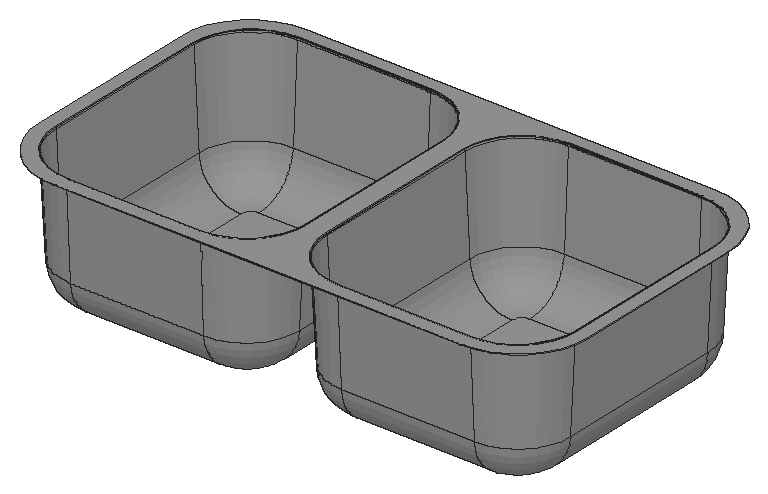
Revit family "Reece_Sink_Posh_Solus MK3_Undermount Sink_Double Bowl", category Plumbing Fixtures, host Face, Revit 2018
Family settings
  Host = Face
  Round Connector Dimension = Use Diameter
  Part Type = Normal
  Cut with Voids When Loaded = No
  Shared = Yes
  Room Calculation Point = Yes
Parameters (values of type "0 Taphole_Stainless Steel")
  WFU = 0  # constant formula
  URL = "https://www.reece.com.au/product/-2402566"
  Type Comments = "Undermount Sink"
  Reece_Sink_is_Undermount [instance] = 1 = 1  # yes
  Reece_Sink_Undermount_Offset [instance] = 20 mm
  Reece_Sink_Undermount_Offset_formula [instance] = if(Reece_Sink_Undermount_Offset < 0 mm, 0 mm, if(Reece_Sink_is_Undermount, Reece_Sink_Undermount_Offset + Reece_Sink_Lip Thickness, 0 mm))  # 21 mm
  Reece_Sink_Type = Reece_Sink_Posh_Solus MK3_Undermount Sink_Double Bowl_Nested : No Taphole_No Drainer_Stainless Steel
  Reece_Sink_Outlet = 40 mm  # constant formula
  Reece_Sink_Lip Thickness = 1 mm  # constant formula
  Reece_Product_Web Page = "https://www.reece.com.au/product/-2402566"
  Reece_Product_Type = "Undermount Sink"  # constant formula
  Reece_Product_Sub Brand = "Solus MK3"  # constant formula
  Reece_Product_Number = "2402566"
  Reece_Product_Mount = "Undermount"
  Reece_Product_Description = "Posh Solus MK3 Double Bowl Undermount Sink, No Taphole, Stainless Steel"
  Reece_Product_Brand = "Posh"  # constant formula
  Reece_Overall_Width = 780 mm  # constant formula
  Reece_Overall_Length = 450 mm  # constant formula
  Reece_Overall_Height = 200 mm  # constant formula
  Reece_Overall_Capacity = 48.00 L  # constant formula
  Reece_Material_Secondary = Reece_Metal_Steel
  Reece_Material_Main = Reece_Metal_Steel
  Reece_Detail_Installation = "Undermount"  # constant formula
  Reece_Detail_Disclaimer = "THIS FILE IS THE PROPERTY OF THE REECE GROUP. IT MAY NOT BE REPRODUCED, REVERSE-ENGINEERED OR MODIFIED. ANY REPUBLICATION, TRANSMISSION OR DISTRIBUTION FOR THE PURPOSE OF COMMERCIALLY EXPLOITING THE FILES IS PROHIBITED."  # constant formula
  Reece_Detail_Connector = "No Taphole"  # constant formula
  Reece_Detail_Additional = "No Overflow"  # constant formula
  Model = "Solus MK3"
  Manufacturer = "Posh"
  Keynote = "Product #2402566, Reece_Sink_Posh_Solus MK3_Undermount Sink_Double Bowl - 0 Taphole_Stainless Steel"
  HWFU = 0  # constant formula
  Disclaimer = "THIS FILE IS THE PROPERTY OF THE REECE GROUP. IT MAY NOT BE REPRODUCED, REVERSE-ENGINEERED OR MODIFIED. ANY REPUBLICATION, TRANSMISSION OR DISTRIBUTION FOR THE PURPOSE OF COMMERCIALLY EXPLOITING THE FILES IS PROHIBITED."  # constant formula
  Description = "Double Bowl\r\n\r\n"
  Default Elevation = 0 mm
  CWFU = 0  # constant formula
Reference planes
  plane 1 "Center (Front/Back)": y = -79.125
  plane 2 "Top of surface": z = 0
  plane 3 "Center (Left/Right)": x = 0
  plane 4 "Lip": z = -21
  plane 5: y = -3.955
  plane 6 "Top of void": z = 10
  plane 7 "Top of Sink": z = -20
  plane 8: y = 145.875
  plane 9: y = -304.125
  plane 10: z = -220
  plane 11: x = 390
  plane 12: x = -390
  plane 13: x = -192.427
  plane 14: x = 192.427
  plane 15: y = -4.133
Forms (mm)
  Extrusion 1, void
    sketch origin (0, 0, 0) x (1, 0, 0) y (0, 1, 0)
      loop
        arc (390, 45.875) -> (360.711, 116.586) -> (290, 145.875) r 100
        line (290, 145.875) -> (-290, 145.875)
        arc (-290, 145.875) -> (-360.711, 116.586) -> (-390, 45.875) r 100
        line (-390, 45.875) -> (-390, -204.125)
        arc (-390, -204.125) -> (-360.711, -274.835) -> (-290, -304.125) r 100
        line (-290, -304.125) -> (290, -304.125)
        arc (290, -304.125) -> (360.711, -274.835) -> (390, -204.125) r 100
        line (390, -204.125) -> (390, 45.875)
    from -255.336 to -20
  Extrusion 2, void
    sketch origin (0, 0, 0) x (1, 0, 0) y (0, 1, 0)
      loop
        line (284.2, 125.875) -> (-287.153, 125.875)
        arc (-287.153, 125.875) -> (-345.735, 101.61) -> (-370, 43.028) r 82.847
        line (-370, 43.028) -> (-370, -201.278)
        arc (-370, -201.278) -> (-345.735, -259.859) -> (-287.153, -284.125) r 82.847
        line (-287.153, -284.125) -> (285.2, -284.125)
        arc (285.2, -284.125) -> (345.304, -259.229) -> (370.2, -199.125) r 85
        line (370.2, -199.125) -> (370.2, 39.875)
        arc (370.2, 39.875) -> (345.011, 100.687) -> (284.2, 125.875) r 86
    from -21 to 10
Text (mm)
  text "Reece Copyright © 2018, Reece Ltd." at (-902.343, -740.328, 0), in view "Ref. Level"
  text "Reece ©" at (44.384, 258.95, 192.345), in view "Reece Preview"
Dimensions and locks
  "Reece_Sink_Undermount_Offset_formula": plane 2 "Top of surface" to plane 4 "Lip"
  locked: plane 6 "Top of void" to plane 2 "Top of surface" at 10
  locked: plane 7 "Top of Sink" to plane 4 "Lip" at 1
  "Reece_Overall_Length": plane 8 to plane 9
  "Reece_Overall_Width": plane 12 to plane 11
  "Reece_Overall_Height": plane 7 "Top of Sink" to plane 10
  aligned and locked: plane 2 "Top of surface" to host face
  aligned and locked: level to host face
  aligned and locked: plane 3 "Center (Left/Right)" to nested 1
  aligned and locked: Extrusion 2 to plane 4 "Lip"
  aligned and locked: Extrusion 2 to plane 6 "Top of void"
  aligned and locked: Extrusion 1 to plane 7 "Top of Sink"
Automatic sketch dimensions
  host sketch curve to host sketch curve = 801.051 mm
  host sketch curve to host sketch curve = 660.299 mm
  Extrusion 1 sketch curve to plane 1 "Center (Front/Back)" = 125 mm
  plane 1 "Center (Front/Back)" to Extrusion 1 sketch curve = 125 mm
  Extrusion 1 sketch curve to Extrusion 1 sketch curve = 100 mm  (x4)
  plane 3 "Center (Left/Right)" to Extrusion 1 sketch curve = 290 mm
  plane 9 to Extrusion 2 sketch curve = 20 mm
  Extrusion 2 sketch curve to plane 8 = 20 mm
  Extrusion 2 sketch curve to Extrusion 2 sketch curve = 82.847 mm
  Extrusion 2 sketch curve to Extrusion 2 sketch curve = 85 mm  (x2)
  Extrusion 2 sketch curve to plane 5 = 46.984 mm  (x2)
  Extrusion 2 sketch curve to Extrusion 2 sketch curve = 0 mm  (x6)
  Extrusion 2 sketch curve to plane 5 = 43.831 mm
  Extrusion 1 sketch curve to plane 12 = 0 mm
  plane 12 to Extrusion 2 sketch curve = 102.847 mm  (x2)
  plane 11 to Extrusion 2 sketch curve = 105.8 mm
Nested families
  nested 1: "Reece_Sink_Posh_Solus MK3_Undermount Sink_Double Bowl_Nested" at (0, 0, -21), type <- "Reece_Sink_Type", Reece_Material_Main <- "Reece_Material_Main", Reece_Material_Secondary <- "Reece_Material_Secondary", type "No Taphole_No Drainer_Stainless Steel"
    with Reece_Material_Secondary Reece_Metal_Steel, Reece_Material_Main Reece_Metal_Steel
Connectors
  piping at (-192.427, -4.133, -254.568), diameter 40, driven by "Reece_Sink_Outlet"
    settings: on nested 1, index 1, connector inside diameter 609.6 mm, connector length 0 mm, flow factor 0, pipe flow 0.0 L/s, pressure drop 0.0 Pa, fitting loss kfactor 0, connector angle 0.00°, fixture units 0, engagement length 0 mm, angle of deflection 0.00°, flow configuration 0, flow direction 2, fitting loss method 0, system type 16, joint type 0, gender type 0, connector reference index -1, connector utility 0, adjustable connector no, is connector primary yes, connector description ""
  piping at (192.427, -4.133, -254.568), diameter 40, driven by "Reece_Sink_Outlet"
    settings: on nested 1, index 2, connector inside diameter 609.6 mm, connector length 0 mm, flow factor 0, pipe flow 0.0 L/s, pressure drop 0.0 Pa, fitting loss kfactor 0, connector angle 0.00°, fixture units 0, engagement length 0 mm, angle of deflection 0.00°, flow configuration 0, flow direction 2, fitting loss method 0, system type 16, joint type 0, gender type 0, connector reference index -1, connector utility 0, adjustable connector no, is connector primary no, connector description ""
Definition of nested family "Reece_Sink_Posh_Solus MK3_Undermount Sink_Double Bowl_Nested"
  Parameters (values of type "No Taphole_No Drainer_Stainless Steel")
    WFU = 0  # constant formula
    Reece_Sink_Outlet 1 = 40 mm  # constant formula
    Reece_Product_Web Page = "https://www.reece.com.au/product/-2402566"
    Reece_Product_Type = "Undermount Sink"  # constant formula
    Reece_Product_Sub Brand = "Solus MK3"  # constant formula
    Reece_Product_Number = "2402566"
    Reece_Product_Mount = "Undermount"  # constant formula
    Reece_Product_Description = "Double Bowl\r\n\r\n"  # constant formula
    Reece_Product_Brand = "Posh"  # constant formula
    Reece_Overall_Width = 780 mm  # constant formula
    Reece_Overall_Length = 450 mm  # constant formula
    Reece_Overall_Height = 200 mm  # constant formula
    Reece_Overall_Capacity = 48.00 L  # constant formula
    Reece_Material_Secondary [instance] = none
    Reece_Material_Main [instance] = none
    Reece_Detail_Installation = "Undermount"  # constant formula
    Reece_Detail_Connector = "No Taphole"  # constant formula
    Reece_Detail_Additional = "No Overflow"  # constant formula
    HWFU = 0  # constant formula
    Default Elevation = 1000 mm
    CWFU = 0  # constant formula
  Reference planes
    plane 1 "Center (Front/Back)": y = -79.125
    plane 2 "Bottom": z = 0
    plane 3 "Center (Left/Right)": x = 0
    plane 4: y = 145.875
    plane 5: x = 390
    plane 6: x = -390
    plane 7: y = -304.125
    plane 8: z = 1
    plane 9: z = -199
  Forms (mm)
    Extrusion 1, solid
      sketch origin (619.2, -619.2, 0) x (1, 0, 0) y (0, 1, 0)
        loop
          line (-1286.137, 839.2) -> (-1286.137, 178.901) -> (54.043, 178.901) -> (54.043, 839.2) -> (-1286.137, 839.2)
      from 0 to -216.096
    Extrusion 2, solid, material <- "Reece_Material_Main"
      sketch origin (-392.353, -100.044, 15.703) x (1, 0, 0) y (0, 1, 0)
        loop
          circle (199.927, 95.919) r 60
        loop
          line (90.291, 143.072) -> (90.291, -101.234)
          arc (90.291, -101.234) -> (94.599, -111.635) -> (105, -115.943) r 14.709
          line (105, -115.943) -> (294.506, -115.943)
          arc (294.506, -115.943) -> (304.907, -111.635) -> (309.215, -101.234) r 14.709
          line (309.215, -101.234) -> (309.215, 143.072)
          arc (309.215, 143.072) -> (304.907, 153.473) -> (294.506, 157.781) r 14.709
          line (294.506, 157.781) -> (105, 157.781)
          arc (105, 157.781) -> (94.599, 153.473) -> (90.291, 143.072) r 14.709
      from -209.681 to -208.681
    Revolve 3, solid, material <- "Reece_Material_Main"
      sketch origin (-192.427, -4.133, -52.01) x (1, 0, 0) y (0, 0, 1)
        loop
          line (18, -181.558) -> (20, -181.558) -> (20, -168.342)
          arc (20, -168.342) -> (33.772, -159.156) -> (45, -146.99) r 69.965
          line (45, -146.99) -> (42.511, -146.99)
          arc (42.511, -146.99) -> (31.445, -158.496) -> (18, -167.102) r 67.965
          line (18, -167.102) -> (18, -181.558)
        axis (0, -146.99) -> (0, -181.558)
      angle from 0 to 360
    Extrusion 4, void
      sketch origin (-192.427, 74.992, -10.88) x (1, 0, 0) y (0, 1, 0)
        loop
          arc (-31.713, -77.625) -> (-33.213, -79.125) -> (-31.713, -80.625) r 1.5
          line (-31.713, -80.625) -> (-21.713, -80.625)
          arc (-21.713, -80.625) -> (-20.213, -79.125) -> (-21.713, -77.625) r 1.5
          line (-21.713, -77.625) -> (-31.713, -77.625)
        loop
          arc (-29.287, -66.869) -> (-31.21, -67.765) -> (-30.313, -69.688) r 1.5
          line (-30.313, -69.688) -> (-20.916, -73.108)
          arc (-20.916, -73.108) -> (-18.994, -72.212) -> (-19.89, -70.289) r 1.5
          line (-19.89, -70.289) -> (-29.287, -66.869)
        loop
          arc (-23.329, -57.591) -> (-25.442, -57.776) -> (-25.257, -59.889) r 1.5
          line (-25.257, -59.889) -> (-17.597, -66.317)
          arc (-17.597, -66.317) -> (-15.484, -66.132) -> (-15.669, -64.019) r 1.5
          line (-15.669, -64.019) -> (-23.329, -57.591)
        loop
          arc (-14.557, -50.911) -> (-16.606, -50.362) -> (-17.155, -52.411) r 1.5
          line (-17.155, -52.411) -> (-12.155, -61.071)
          arc (-12.155, -61.071) -> (-10.106, -61.62) -> (-9.557, -59.571) r 1.5
          line (-9.557, -59.571) -> (-14.557, -50.911)
        loop
          arc (-4.03, -47.633) -> (-5.767, -46.417) -> (-6.984, -48.154) r 1.5
          line (-6.984, -48.154) -> (-5.248, -58.002)
          arc (-5.248, -58.002) -> (-3.51, -59.219) -> (-2.293, -57.481) r 1.5
          line (-2.293, -57.481) -> (-4.03, -47.633)
        loop
          line (31.713, -77.625) -> (21.713, -77.625)
          arc (21.713, -77.625) -> (20.213, -79.125) -> (21.713, -80.625) r 1.5
          line (21.713, -80.625) -> (31.713, -80.625)
          arc (31.713, -80.625) -> (33.213, -79.125) -> (31.713, -77.625) r 1.5
        loop
          line (29.287, -66.869) -> (19.89, -70.289)
          arc (19.89, -70.289) -> (18.994, -72.212) -> (20.916, -73.108) r 1.5
          line (20.916, -73.108) -> (30.313, -69.688)
          arc (30.313, -69.688) -> (31.21, -67.765) -> (29.287, -66.869) r 1.5
        loop
          line (23.329, -57.591) -> (15.669, -64.019)
          arc (15.669, -64.019) -> (15.484, -66.132) -> (17.597, -66.317) r 1.5
          line (17.597, -66.317) -> (25.257, -59.889)
          arc (25.257, -59.889) -> (25.442, -57.776) -> (23.329, -57.591) r 1.5
        loop
          line (14.557, -50.911) -> (9.557, -59.571)
          arc (9.557, -59.571) -> (10.106, -61.62) -> (12.155, -61.071) r 1.5
          line (12.155, -61.071) -> (17.155, -52.411)
          arc (17.155, -52.411) -> (16.606, -50.362) -> (14.557, -50.911) r 1.5
        loop
          line (4.03, -47.633) -> (2.293, -57.481)
          arc (2.293, -57.481) -> (3.51, -59.219) -> (5.248, -58.002) r 1.5
          line (5.248, -58.002) -> (6.984, -48.154)
          arc (6.984, -48.154) -> (5.767, -46.417) -> (4.03, -47.633) r 1.5
        loop
          line (-29.287, -91.381) -> (-19.89, -87.96)
          arc (-19.89, -87.96) -> (-18.994, -86.038) -> (-20.916, -85.141) r 1.5
          line (-20.916, -85.141) -> (-30.313, -88.561)
          arc (-30.313, -88.561) -> (-31.21, -90.484) -> (-29.287, -91.381) r 1.5
        loop
          line (-23.329, -100.658) -> (-15.669, -94.23)
          arc (-15.669, -94.23) -> (-15.484, -92.117) -> (-17.597, -91.932) r 1.5
          line (-17.597, -91.932) -> (-25.257, -98.36)
          arc (-25.257, -98.36) -> (-25.442, -100.473) -> (-23.329, -100.658) r 1.5
        loop
          line (-14.557, -107.339) -> (-9.557, -98.678)
          arc (-9.557, -98.678) -> (-10.106, -96.629) -> (-12.155, -97.178) r 1.5
          line (-12.155, -97.178) -> (-17.155, -105.839)
          arc (-17.155, -105.839) -> (-16.606, -107.888) -> (-14.557, -107.339) r 1.5
        loop
          line (-4.03, -110.616) -> (-2.293, -100.768)
          arc (-2.293, -100.768) -> (-3.51, -99.03) -> (-5.248, -100.247) r 1.5
          line (-5.248, -100.247) -> (-6.984, -110.095)
          arc (-6.984, -110.095) -> (-5.767, -111.833) -> (-4.03, -110.616) r 1.5
        loop
          arc (29.287, -91.381) -> (31.21, -90.484) -> (30.313, -88.561) r 1.5
          line (30.313, -88.561) -> (20.916, -85.141)
          arc (20.916, -85.141) -> (18.994, -86.038) -> (19.89, -87.96) r 1.5
          line (19.89, -87.96) -> (29.287, -91.381)
        loop
          arc (23.329, -100.658) -> (25.442, -100.473) -> (25.257, -98.36) r 1.5
          line (25.257, -98.36) -> (17.597, -91.932)
          arc (17.597, -91.932) -> (15.484, -92.117) -> (15.669, -94.23) r 1.5
          line (15.669, -94.23) -> (23.329, -100.658)
        loop
          arc (14.557, -107.339) -> (16.606, -107.888) -> (17.155, -105.839) r 1.5
          line (17.155, -105.839) -> (12.155, -97.178)
          arc (12.155, -97.178) -> (10.106, -96.629) -> (9.557, -98.678) r 1.5
          line (9.557, -98.678) -> (14.557, -107.339)
        loop
          arc (4.03, -110.616) -> (5.767, -111.833) -> (6.984, -110.095) r 1.5
          line (6.984, -110.095) -> (5.248, -100.247)
          arc (5.248, -100.247) -> (3.51, -99.03) -> (2.293, -100.768) r 1.5
          line (2.293, -100.768) -> (4.03, -110.616)
      from -204.763 to -186.473
    Revolve 5, solid, material <- "Reece_Material_Secondary"
      sketch origin (-192.427, -4.133, -53.39) x (1, 0, 0) y (0, 0, 1)
        loop
          line (0, -157.338) -> (16.998, -157.338)
          arc (16.998, -157.338) -> (28.197, -153.597) -> (34.898, -143.876) r 18.633
          line (34.898, -143.876) -> (36.003, -143.876) -> (36.003, -142.662) -> (47.722, -142.662) -> (50.998, -142.662) -> (50.998, -141.662) -> (35.604, -141.662)
          arc (35.604, -141.662) -> (35.179, -141.838) -> (35.003, -142.263) r 0.601
          line (35.003, -142.263) -> (35.003, -143.22)
          arc (35.003, -143.22) -> (34.5, -142.717) -> (33.998, -143.22) r 0.503
          arc (33.998, -143.22) -> (27.683, -152.565) -> (16.998, -156.172) r 17.633
          line (16.998, -156.172) -> (3.95, -156.172)
          arc (3.95, -156.172) -> (2.139, -149.549) -> (1.843, -142.689) r 30.745
          line (1.843, -142.689) -> (3.708, -142.689)
          arc (3.708, -142.689) -> (4.213, -142.254) -> (3.848, -141.696) r 0.506
          arc (3.848, -141.696) -> (1.942, -141.304) -> (0, -141.173) r 14.401
          line (0, -141.173) -> (0, -157.338)
        axis (0, -141.173) -> (0, -157.338)
      angle from 0 to 360
    Sweep 6, solid, material <- "Reece_Material_Main"
      path in 3D
        loop
          arc (-252.427, -4.133, -192.978) -> (-192.427, -64.133, -192.978) -> (-132.427, -4.133, -192.978) r 60
          arc (-132.427, -4.133, -192.978) -> (-192.427, 55.867, -192.978) -> (-252.427, -4.133, -192.978) r 60
      profile origin (-252.427, -4.133, -192.978) x (1, 0, 0) y (0, 0, 1)
        loop
          line (0, 0) -> (0, -0.8) -> (15, -6.022) -> (15, -5.16) -> (0, 0)
    Extrusion 7, solid, material <- "Reece_Material_Main"
      sketch origin (47.353, 0, 0) x (-1, 0, 0) y (0, -1, 0)
        loop
          line (47.353, -145.875) -> (337.353, -145.875)
          arc (337.353, -145.875) -> (408.064, -116.586) -> (437.353, -45.875) r 100
          line (437.353, -45.875) -> (437.353, 204.125)
          arc (437.353, 204.125) -> (408.064, 274.835) -> (337.353, 304.125) r 100
          line (337.353, 304.125) -> (66.561, 304.125) -> (-242.647, 304.125)
          arc (-242.647, 304.125) -> (-313.358, 274.835) -> (-342.647, 204.125) r 100
          line (-342.647, 204.125) -> (-342.647, -45.875)
          arc (-342.647, -45.875) -> (-313.358, -116.586) -> (-242.647, -145.875) r 100
          line (-242.647, -145.875) -> (47.353, -145.875)
        loop
          arc (-50.494, -125.875) -> (8.088, -101.61) -> (32.353, -43.028) r 82.847
          line (32.353, -43.028) -> (32.353, 201.278)
          arc (32.353, 201.278) -> (8.088, 259.859) -> (-50.494, 284.125) r 82.847
          line (-50.494, 284.125) -> (-240, 284.125)
          arc (-240, 284.125) -> (-298.582, 259.859) -> (-322.847, 201.278) r 82.847
          line (-322.847, 201.278) -> (-322.847, -43.028)
          arc (-322.847, -43.028) -> (-298.582, -101.61) -> (-240, -125.875) r 82.847
          line (-240, -125.875) -> (-50.494, -125.875)
        loop
          line (145.2, -125.875) -> (334.706, -125.875)
          arc (334.706, -125.875) -> (393.288, -101.61) -> (417.553, -43.028) r 82.847
          line (417.553, -43.028) -> (417.553, 201.278)
          arc (417.553, 201.278) -> (393.288, 259.859) -> (334.706, 284.125) r 82.847
          line (334.706, 284.125) -> (145.2, 284.125)
          arc (145.2, 284.125) -> (86.618, 259.859) -> (62.353, 201.278) r 82.847
          line (62.353, 201.278) -> (62.353, -43.028)
          arc (62.353, -43.028) -> (86.618, -101.61) -> (145.2, -125.875) r 82.847
      from 1 to 0
    Extrusion 8, solid, material <- "Reece_Material_Main"
      sketch origin (392.353, -100.044, 15.703) x (-1, 0, 0) y (0, -1, 0)
        loop
          circle (199.927, -95.919) r 60
        loop
          line (105, -157.781) -> (294.506, -157.781)
          arc (294.506, -157.781) -> (304.907, -153.473) -> (309.215, -143.072) r 14.709
          line (309.215, -143.072) -> (309.215, 101.234)
          arc (309.215, 101.234) -> (304.907, 111.635) -> (294.506, 115.943) r 14.709
          line (294.506, 115.943) -> (105, 115.943)
          arc (105, 115.943) -> (94.599, 111.635) -> (90.291, 101.234) r 14.709
          line (90.291, 101.234) -> (90.291, -143.072)
          arc (90.291, -143.072) -> (94.599, -153.473) -> (105, -157.781) r 14.709
      from -209.681 to -208.681
    Revolve 9, solid, material <- "Reece_Material_Main"
      sketch origin (192.427, -4.133, -52.01) x (-1, 0, 0) y (0, 0, -1)
        loop
          line (18, 181.558) -> (18, 167.102)
          arc (18, 167.102) -> (31.445, 158.496) -> (42.511, 146.99) r 67.965
          line (42.511, 146.99) -> (45, 146.99)
          arc (45, 146.99) -> (33.772, 159.156) -> (20, 168.342) r 69.965
          line (20, 168.342) -> (20, 181.558) -> (18, 181.558)
        axis (0, 146.99) -> (0, 181.558)
      angle from 0 to 360
    Extrusion 10, void
      sketch origin (192.427, 74.992, -10.899) x (-1, 0, 0) y (0, -1, 0)
        loop
          line (-31.713, 77.625) -> (-21.713, 77.625)
          arc (-21.713, 77.625) -> (-20.213, 79.125) -> (-21.713, 80.625) r 1.5
          line (-21.713, 80.625) -> (-31.713, 80.625)
          arc (-31.713, 80.625) -> (-33.213, 79.125) -> (-31.713, 77.625) r 1.5
        loop
          line (-29.287, 66.869) -> (-19.89, 70.289)
          arc (-19.89, 70.289) -> (-18.994, 72.212) -> (-20.916, 73.108) r 1.5
          line (-20.916, 73.108) -> (-30.313, 69.688)
          arc (-30.313, 69.688) -> (-31.21, 67.765) -> (-29.287, 66.869) r 1.5
        loop
          line (-23.329, 57.591) -> (-15.669, 64.019)
          arc (-15.669, 64.019) -> (-15.484, 66.132) -> (-17.597, 66.317) r 1.5
          line (-17.597, 66.317) -> (-25.257, 59.889)
          arc (-25.257, 59.889) -> (-25.442, 57.776) -> (-23.329, 57.591) r 1.5
        loop
          line (-14.557, 50.911) -> (-9.557, 59.571)
          arc (-9.557, 59.571) -> (-10.106, 61.62) -> (-12.155, 61.071) r 1.5
          line (-12.155, 61.071) -> (-17.155, 52.411)
          arc (-17.155, 52.411) -> (-16.606, 50.362) -> (-14.557, 50.911) r 1.5
        loop
          line (-4.03, 47.633) -> (-2.293, 57.481)
          arc (-2.293, 57.481) -> (-3.51, 59.219) -> (-5.248, 58.002) r 1.5
          line (-5.248, 58.002) -> (-6.984, 48.154)
          arc (-6.984, 48.154) -> (-5.767, 46.417) -> (-4.03, 47.633) r 1.5
        loop
          arc (31.713, 77.625) -> (33.213, 79.125) -> (31.713, 80.625) r 1.5
          line (31.713, 80.625) -> (21.713, 80.625)
          arc (21.713, 80.625) -> (20.213, 79.125) -> (21.713, 77.625) r 1.5
          line (21.713, 77.625) -> (31.713, 77.625)
        loop
          arc (29.287, 66.869) -> (31.21, 67.765) -> (30.313, 69.688) r 1.5
          line (30.313, 69.688) -> (20.916, 73.108)
          arc (20.916, 73.108) -> (18.994, 72.212) -> (19.89, 70.289) r 1.5
          line (19.89, 70.289) -> (29.287, 66.869)
        loop
          arc (23.329, 57.591) -> (25.442, 57.776) -> (25.257, 59.889) r 1.5
          line (25.257, 59.889) -> (17.597, 66.317)
          arc (17.597, 66.317) -> (15.484, 66.132) -> (15.669, 64.019) r 1.5
          line (15.669, 64.019) -> (23.329, 57.591)
        loop
          arc (14.557, 50.911) -> (16.606, 50.362) -> (17.155, 52.411) r 1.5
          line (17.155, 52.411) -> (12.155, 61.071)
          arc (12.155, 61.071) -> (10.106, 61.62) -> (9.557, 59.571) r 1.5
          line (9.557, 59.571) -> (14.557, 50.911)
        loop
          arc (4.03, 47.633) -> (5.767, 46.417) -> (6.984, 48.154) r 1.5
          line (6.984, 48.154) -> (5.248, 58.002)
          arc (5.248, 58.002) -> (3.51, 59.219) -> (2.293, 57.481) r 1.5
          line (2.293, 57.481) -> (4.03, 47.633)
        loop
          arc (-29.287, 91.381) -> (-31.21, 90.484) -> (-30.313, 88.561) r 1.5
          line (-30.313, 88.561) -> (-20.916, 85.141)
          arc (-20.916, 85.141) -> (-18.994, 86.038) -> (-19.89, 87.96) r 1.5
          line (-19.89, 87.96) -> (-29.287, 91.381)
        loop
          arc (-23.329, 100.658) -> (-25.442, 100.473) -> (-25.257, 98.36) r 1.5
          line (-25.257, 98.36) -> (-17.597, 91.932)
          arc (-17.597, 91.932) -> (-15.484, 92.117) -> (-15.669, 94.23) r 1.5
          line (-15.669, 94.23) -> (-23.329, 100.658)
        loop
          arc (-14.557, 107.339) -> (-16.606, 107.888) -> (-17.155, 105.839) r 1.5
          line (-17.155, 105.839) -> (-12.155, 97.178)
          arc (-12.155, 97.178) -> (-10.106, 96.629) -> (-9.557, 98.678) r 1.5
          line (-9.557, 98.678) -> (-14.557, 107.339)
        loop
          arc (-4.03, 110.616) -> (-5.767, 111.833) -> (-6.984, 110.095) r 1.5
          line (-6.984, 110.095) -> (-5.248, 100.247)
          arc (-5.248, 100.247) -> (-3.51, 99.03) -> (-2.293, 100.768) r 1.5
          line (-2.293, 100.768) -> (-4.03, 110.616)
        loop
          line (29.287, 91.381) -> (19.89, 87.96)
          arc (19.89, 87.96) -> (18.994, 86.038) -> (20.916, 85.141) r 1.5
          line (20.916, 85.141) -> (30.313, 88.561)
          arc (30.313, 88.561) -> (31.21, 90.484) -> (29.287, 91.381) r 1.5
        loop
          line (23.329, 100.658) -> (15.669, 94.23)
          arc (15.669, 94.23) -> (15.484, 92.117) -> (17.597, 91.932) r 1.5
          line (17.597, 91.932) -> (25.257, 98.36)
          arc (25.257, 98.36) -> (25.442, 100.473) -> (23.329, 100.658) r 1.5
        loop
          line (14.557, 107.339) -> (9.557, 98.678)
          arc (9.557, 98.678) -> (10.106, 96.629) -> (12.155, 97.178) r 1.5
          line (12.155, 97.178) -> (17.155, 105.839)
          arc (17.155, 105.839) -> (16.606, 107.888) -> (14.557, 107.339) r 1.5
        loop
          line (4.03, 110.616) -> (2.293, 100.768)
          arc (2.293, 100.768) -> (3.51, 99.03) -> (5.248, 100.247) r 1.5
          line (5.248, 100.247) -> (6.984, 110.095)
          arc (6.984, 110.095) -> (5.767, 111.833) -> (4.03, 110.616) r 1.5
      from -204.763 to -186.473
    Revolve 11, solid, material <- "Reece_Material_Secondary"
      sketch origin (192.427, -4.133, -53.409) x (-1, 0, 0) y (0, 0, -1)
        loop
          line (0, 157.338) -> (0, 141.173)
          arc (0, 141.173) -> (1.942, 141.304) -> (3.848, 141.696) r 14.401
          arc (3.848, 141.696) -> (4.213, 142.254) -> (3.708, 142.689) r 0.506
          line (3.708, 142.689) -> (1.843, 142.689)
          arc (1.843, 142.689) -> (2.139, 149.549) -> (3.95, 156.172) r 30.745
          line (3.95, 156.172) -> (16.998, 156.172)
          arc (16.998, 156.172) -> (27.683, 152.565) -> (33.998, 143.22) r 17.633
          arc (33.998, 143.22) -> (34.5, 142.717) -> (35.003, 143.22) r 0.503
          line (35.003, 143.22) -> (35.003, 142.263)
          arc (35.003, 142.263) -> (35.179, 141.838) -> (35.604, 141.662) r 0.601
          line (35.604, 141.662) -> (50.998, 141.662) -> (50.998, 142.662) -> (47.722, 142.662) -> (36.003, 142.662) -> (36.003, 143.876) -> (34.898, 143.876)
          arc (34.898, 143.876) -> (28.197, 153.597) -> (16.998, 157.338) r 18.633
          line (16.998, 157.338) -> (0, 157.338)
        axis (0, 141.173) -> (0, 157.338)
      angle from 0 to 360
    Sweep 12, solid, material <- "Reece_Material_Main"
      path in 3D
        loop
          arc (252.427, -4.133, -192.978) -> (192.427, -64.133, -192.978) -> (132.427, -4.133, -192.978) r 60
          arc (132.427, -4.133, -192.978) -> (192.427, 55.867, -192.978) -> (252.427, -4.133, -192.978) r 60
      profile origin (252.427, -4.133, -192.978) x (1, 0, 0) y (0, 0, 1)
        loop
          line (0, 0) -> (-15, -5.16) -> (-15, -6.022) -> (0, -0.8) -> (0, 0)
    Sweep 13, solid, material <- "Reece_Material_Main"
      path origin (190.321, -18.968, 0) x (-1, 0, 0) y (0, -1, 0)
        loop
          line (92.475, 265.156) -> (-97.032, 265.156)
          arc (-97.032, 265.156) -> (-155.613, 240.891) -> (-179.879, 182.309) r 82.847
          line (-179.879, 182.309) -> (-179.879, -61.997)
          arc (-179.879, -61.997) -> (-155.613, -120.578) -> (-97.032, -144.844) r 82.847
          line (-97.032, -144.844) -> (92.475, -144.844)
          arc (92.475, -144.844) -> (151.056, -120.578) -> (175.321, -61.997) r 82.847
          line (175.321, -61.997) -> (175.321, 182.309)
          arc (175.321, 182.309) -> (151.056, 240.891) -> (92.475, 265.156) r 82.847
      profile origin (192.6, -284.125, 0) x (0, 1, 0) y (0, 0, 1)
        loop
          line (8.22, -136.118) -> (1.181, -1.809)
          arc (1.181, -1.809) -> (1.042, -0.998) -> (0.717, -0.242) r 3.499
          line (0.717, -0.242) -> (0, 1) -> (0, 0) -> (0.122, -1.448)
          arc (0.122, -1.448) -> (0.215, -2.672) -> (0.289, -3.898) r 77.516
          line (0.289, -3.898) -> (7.221, -136.171)
          arc (7.221, -136.171) -> (26.148, -177.226) -> (68.138, -193.978) r 61
          line (68.138, -193.978) -> (68.138, -192.978)
          arc (68.138, -192.978) -> (26.837, -176.5) -> (8.22, -136.118) r 60
    Sweep 14, solid, material <- "Reece_Material_Main"
      path origin (-190.321, -18.968, 0) x (1, 0, 0) y (0, 1, 0)
        loop
          arc (92.475, -265.156) -> (151.056, -240.891) -> (175.321, -182.309) r 82.847
          line (175.321, -182.309) -> (175.321, 61.997)
          arc (175.321, 61.997) -> (151.056, 120.578) -> (92.475, 144.844) r 82.847
          line (92.475, 144.844) -> (-97.032, 144.844)
          arc (-97.032, 144.844) -> (-155.613, 120.578) -> (-179.879, 61.997) r 82.847
          line (-179.879, 61.997) -> (-179.879, -182.309)
          arc (-179.879, -182.309) -> (-155.613, -240.891) -> (-97.032, -265.156) r 82.847
          line (-97.032, -265.156) -> (92.475, -265.156)
      profile origin (-192.6, -284.125, 0) x (0, -1, 0) y (0, 0, 1)
        loop
          arc (-8.22, -136.118) -> (-26.837, -176.5) -> (-68.138, -192.978) r 60
          line (-68.138, -192.978) -> (-68.138, -193.978)
          arc (-68.138, -193.978) -> (-26.148, -177.226) -> (-7.221, -136.171) r 61
          line (-7.221, -136.171) -> (-0.289, -3.898)
          arc (-0.289, -3.898) -> (-0.215, -2.672) -> (-0.122, -1.448) r 77.516
          line (-0.122, -1.448) -> (0, 0) -> (0, 1) -> (-0.717, -0.242)
          arc (-0.717, -0.242) -> (-1.042, -0.998) -> (-1.181, -1.809) r 3.499
          line (-1.181, -1.809) -> (-8.22, -136.118)
  Cuts and joins
    Extrusion 4, Extrusion 10 cuts Revolve 5
    Extrusion 10 cuts Revolve 3
    Extrusion 10 cuts Revolve 11
    joined: Extrusion 2, Extrusion 8, Sweep 13, Sweep 14
  Lines and regions (mm)
    sketch lines
      curve 1: arc (-132.427, -4.133, -192.978) -> (-192.427, 55.867, -192.978) -> (-252.427, -4.133, -192.978) r 60
      curve 2: arc (-252.427, -4.133, -192.978) -> (-192.427, -64.133, -192.978) -> (-132.427, -4.133, -192.978) r 60
      curve 3: arc (132.427, -4.133, -192.978) -> (192.427, 55.867, -192.978) -> (252.427, -4.133, -192.978) r 60
      curve 4: arc (252.427, -4.133, -192.978) -> (192.427, -64.133, -192.978) -> (132.427, -4.133, -192.978) r 60
  Text (mm)
    text "Reece Copyright © 2018, Reece Ltd." at (-902.343, -740.328, 0), in view "Ref. Level"
    text "Reece ©" at (44.384, 258.95, 192.345), in view "Reece Preview"
  Dimensions and locks
    equal spacing: plane 6, plane 3 "Center (Left/Right)", plane 5
    "Reece_Overall_Width": plane 6 to plane 5
    "Reece_Overall_Length": plane 4 to plane 7
    equal spacing: plane 4, plane 1 "Center (Front/Back)", plane 7
    plane 6 to plane 5 = 780 mm
    "Reece_Overall_Height": plane 8 to plane 9
    aligned and locked: Extrusion 1 to plane 2 "Bottom"
    aligned and locked: Extrusion 1 to level
  Automatic sketch dimensions
    Extrusion 1 sketch curve to Extrusion 1 sketch curve = 1340.179 mm
    Extrusion 1 sketch curve to Extrusion 1 sketch curve = 660.299 mm
    Extrusion 2 sketch curve to plane 1 "Center (Front/Back)" = 75 mm
    Revolve 3 sketch curve to Revolve 3 sketch curve = 0 mm  (x3)
    Revolve 3 sketch curve to Revolve 3 sketch curve = 29.666 mm
    Revolve 3 sketch curve to Revolve 3 sketch curve = 2 mm
    Revolve 3 sketch curve to Revolve 3 sketch curve = 22.511 mm
    Revolve 3 sketch curve to Revolve 3 sketch curve = 2.489 mm
    Revolve 3 sketch curve to Revolve 3 sketch curve = 18 mm
    Extrusion 4 sketch curve to plane 1 "Center (Front/Back)" = 76.492 mm
    Extrusion 4 sketch curve to Extrusion 4 sketch curve = 1.399 mm  (x3)
    Extrusion 4 sketch curve to plane 1 "Center (Front/Back)" = 65.555 mm  (x2)
    Extrusion 4 sketch curve to Extrusion 4 sketch curve = 0.513 mm  (x16)
    Extrusion 4 sketch curve to plane 1 "Center (Front/Back)" = 62.736 mm  (x2)
    Extrusion 4 sketch curve to plane 1 "Center (Front/Back)" = 87.248 mm
    Extrusion 4 sketch curve to plane 1 "Center (Front/Back)" = 55.757 mm  (x2)
    Extrusion 4 sketch curve to Extrusion 4 sketch curve = 4.03 mm  (x4)
    Extrusion 4 sketch curve to Extrusion 4 sketch curve = 0.964 mm  (x16)
    Extrusion 4 sketch curve to plane 1 "Center (Front/Back)" = 96.525 mm
    Extrusion 4 sketch curve to plane 1 "Center (Front/Back)" = 53.458 mm  (x2)
    Extrusion 4 sketch curve to Extrusion 4 sketch curve = 10 mm
    Extrusion 4 sketch curve to Extrusion 4 sketch curve = 0.796 mm  (x3)
    Extrusion 4 sketch curve to plane 1 "Center (Front/Back)" = 68.975 mm  (x2)
    Extrusion 4 sketch curve to plane 1 "Center (Front/Back)" = 83.828 mm
    Extrusion 4 sketch curve to plane 1 "Center (Front/Back)" = 66.156 mm  (x2)
    Extrusion 4 sketch curve to plane 1 "Center (Front/Back)" = 62.184 mm  (x2)
    Extrusion 4 sketch curve to Extrusion 4 sketch curve = 2.293 mm  (x4)
    Extrusion 4 sketch curve to plane 1 "Center (Front/Back)" = 48.278 mm  (x2)
    Extrusion 4 sketch curve to Extrusion 4 sketch curve = 6.174 mm  (x4)
    Extrusion 4 sketch curve to Extrusion 4 sketch curve = 1.299 mm  (x16)
    Extrusion 4 sketch curve to plane 1 "Center (Front/Back)" = 59.886 mm  (x2)
    Extrusion 4 sketch curve to plane 1 "Center (Front/Back)" = 90.098 mm
    Extrusion 4 sketch curve to plane 1 "Center (Front/Back)" = 46.778 mm  (x2)
    Extrusion 4 sketch curve to plane 1 "Center (Front/Back)" = 56.938 mm  (x2)
    Extrusion 4 sketch curve to Extrusion 4 sketch curve = 3.513 mm  (x4)
    Extrusion 4 sketch curve to plane 1 "Center (Front/Back)" = 94.546 mm
    Extrusion 4 sketch curve to plane 1 "Center (Front/Back)" = 55.438 mm  (x2)
    Extrusion 4 sketch curve to Extrusion 4 sketch curve = 7.573 mm  (x4)
    Extrusion 4 sketch curve to plane 1 "Center (Front/Back)" = 44.022 mm  (x2)
    Extrusion 4 sketch curve to Extrusion 4 sketch curve = 1.477 mm  (x16)
    Extrusion 4 sketch curve to plane 1 "Center (Front/Back)" = 53.87 mm  (x2)
    Extrusion 4 sketch curve to Extrusion 4 sketch curve = 4.31 mm  (x4)
    Extrusion 4 sketch curve to plane 1 "Center (Front/Back)" = 43.501 mm  (x2)
    Extrusion 4 sketch curve to plane 1 "Center (Front/Back)" = 96.635 mm
    Extrusion 4 sketch curve to plane 1 "Center (Front/Back)" = 53.349 mm  (x2)
    Extrusion 4 sketch curve to Extrusion 4 sketch curve = 4.586 mm  (x2)
    Extrusion 4 sketch curve to Extrusion 4 sketch curve = 8.059 mm  (x2)
    Extrusion 4 sketch curve to plane 1 "Center (Front/Back)" = 96.114 mm
    Extrusion 4 sketch curve to plane 1 "Center (Front/Back)" = 93.046 mm
    Extrusion 4 sketch curve to plane 1 "Center (Front/Back)" = 101.706 mm
    Extrusion 4 sketch curve to plane 1 "Center (Front/Back)" = 87.799 mm
    Extrusion 4 sketch curve to plane 1 "Center (Front/Back)" = 81.009 mm
    Extrusion 4 sketch curve to plane 1 "Center (Front/Back)" = 94.227 mm
    Extrusion 4 sketch curve to plane 1 "Center (Front/Back)" = 84.429 mm
    Extrusion 4 sketch curve to Extrusion 4 sketch curve = 7.937 mm
    Extrusion 4 sketch curve to Extrusion 4 sketch curve = 3 mm
    Extrusion 4 sketch curve to Extrusion 4 sketch curve = 1.5 mm  (x3)
    Extrusion 4 sketch curve to Extrusion 4 sketch curve = 2.819 mm  (x2)
    Extrusion 4 sketch curve to Extrusion 4 sketch curve = 1.41 mm  (x2)
    Extrusion 4 sketch curve to Extrusion 4 sketch curve = 2.298 mm  (x2)
    Extrusion 4 sketch curve to Extrusion 4 sketch curve = 1.149 mm  (x2)
    Extrusion 4 sketch curve to Extrusion 4 sketch curve = 0.75 mm  (x2)
    Extrusion 4 sketch curve to Extrusion 4 sketch curve = 0.521 mm  (x2)
    Extrusion 4 sketch curve to Extrusion 4 sketch curve = 0.26 mm  (x2)
    Revolve 5 sketch curve to Revolve 5 sketch curve = 1.843 mm
    Revolve 5 sketch curve to Revolve 5 sketch curve = 1.865 mm
    Revolve 5 sketch curve to Revolve 5 sketch curve = 0.005 mm
    Revolve 5 sketch curve to Revolve 5 sketch curve = 3.95 mm
    Revolve 5 sketch curve to Revolve 5 sketch curve = 13.285 mm
    Revolve 5 sketch curve to Revolve 5 sketch curve = 0 mm  (x2)
    Revolve 5 sketch curve to Revolve 5 sketch curve = 15.518 mm
    Revolve 5 sketch curve to Revolve 5 sketch curve = 1.985 mm
    Revolve 5 sketch curve to Revolve 5 sketch curve = 0.398 mm
    Revolve 5 sketch curve to Revolve 5 sketch curve = 0.503 mm
    Revolve 5 sketch curve to Revolve 5 sketch curve = 0.601 mm
    Revolve 5 sketch curve to Revolve 5 sketch curve = 1.104 mm
    Revolve 5 sketch curve to Revolve 5 sketch curve = 11.719 mm
    Revolve 5 sketch curve to Revolve 5 sketch curve = 3.275 mm
    Revolve 5 sketch curve to Revolve 5 sketch curve = 1.214 mm
    Revolve 5 sketch curve to Revolve 5 sketch curve = 0.656 mm
    Revolve 5 sketch curve to Revolve 5 sketch curve = 0.399 mm
    Revolve 5 sketch curve to Revolve 5 sketch curve = 0.506 mm
    Revolve 5 sketch curve to Revolve 5 sketch curve = 1.516 mm
    Revolve 5 sketch curve to Revolve 5 sketch curve = 2.163 mm
    Extrusion 7 sketch curve to plane 5 = 0 mm
    plane 7 to Extrusion 7 sketch curve = 0 mm
    Extrusion 7 sketch curve to plane 4 = 0 mm
    Extrusion 7 sketch curve to plane 3 "Center (Left/Right)" = 0 mm
    Extrusion 7 sketch curve to plane 6 = 0 mm
    Extrusion 7 sketch curve to Extrusion 7 sketch curve = 2.647 mm  (x6)
    Extrusion 7 sketch curve to Extrusion 7 sketch curve = 0 mm  (x8)
    Extrusion 7 sketch curve to Extrusion 7 sketch curve = 82.847 mm  (x2)
    Extrusion 7 sketch curve to Extrusion 7 sketch curve = 78.639 mm
    Extrusion 7 sketch curve to Extrusion 7 sketch curve = 2.847 mm  (x6)
    Extrusion 8 sketch curve to Extrusion 8 sketch curve = 14.709 mm  (x5)
    Extrusion 8 sketch curve to Extrusion 8 sketch curve = 0 mm  (x7)
    Extrusion 8 sketch curve to Extrusion 8 sketch curve = 94.927 mm
    Extrusion 8 sketch curve to plane 1 "Center (Front/Back)" = 75 mm
    Revolve 9 sketch curve to Revolve 9 sketch curve = 0 mm  (x3)
    Revolve 9 sketch curve to Revolve 9 sketch curve = 29.666 mm
    Revolve 9 sketch curve to Revolve 9 sketch curve = 2 mm
    Revolve 9 sketch curve to Revolve 9 sketch curve = 22.511 mm
    Revolve 9 sketch curve to Revolve 9 sketch curve = 2.489 mm
    Revolve 9 sketch curve to Revolve 9 sketch curve = 18 mm
    Extrusion 10 sketch curve to plane 1 "Center (Front/Back)" = 76.492 mm
    Extrusion 10 sketch curve to Extrusion 10 sketch curve = 1.399 mm  (x3)
    Extrusion 10 sketch curve to plane 1 "Center (Front/Back)" = 65.555 mm  (x2)
    Extrusion 10 sketch curve to Extrusion 10 sketch curve = 0.513 mm  (x16)
    Extrusion 10 sketch curve to plane 1 "Center (Front/Back)" = 62.736 mm  (x2)
    Extrusion 10 sketch curve to plane 1 "Center (Front/Back)" = 87.248 mm
    Extrusion 10 sketch curve to plane 1 "Center (Front/Back)" = 55.757 mm  (x2)
    Extrusion 10 sketch curve to Extrusion 10 sketch curve = 4.03 mm  (x4)
    Extrusion 10 sketch curve to Extrusion 10 sketch curve = 0.964 mm  (x16)
    Extrusion 10 sketch curve to plane 1 "Center (Front/Back)" = 96.525 mm
    Extrusion 10 sketch curve to plane 1 "Center (Front/Back)" = 53.458 mm  (x2)
    Extrusion 10 sketch curve to Extrusion 10 sketch curve = 10 mm
    Extrusion 10 sketch curve to Extrusion 10 sketch curve = 0.796 mm  (x3)
    Extrusion 10 sketch curve to plane 1 "Center (Front/Back)" = 68.975 mm  (x2)
    Extrusion 10 sketch curve to plane 1 "Center (Front/Back)" = 83.828 mm
    Extrusion 10 sketch curve to plane 1 "Center (Front/Back)" = 66.156 mm  (x2)
    Extrusion 10 sketch curve to plane 1 "Center (Front/Back)" = 62.184 mm  (x2)
    Extrusion 10 sketch curve to Extrusion 10 sketch curve = 2.293 mm  (x4)
    Extrusion 10 sketch curve to plane 1 "Center (Front/Back)" = 48.278 mm  (x2)
    Extrusion 10 sketch curve to Extrusion 10 sketch curve = 6.174 mm  (x4)
    Extrusion 10 sketch curve to Extrusion 10 sketch curve = 1.299 mm  (x16)
    Extrusion 10 sketch curve to plane 1 "Center (Front/Back)" = 59.886 mm  (x2)
    Extrusion 10 sketch curve to plane 1 "Center (Front/Back)" = 90.098 mm
    Extrusion 10 sketch curve to plane 1 "Center (Front/Back)" = 46.778 mm  (x2)
    Extrusion 10 sketch curve to plane 1 "Center (Front/Back)" = 56.938 mm  (x2)
    Extrusion 10 sketch curve to Extrusion 10 sketch curve = 3.513 mm  (x4)
    Extrusion 10 sketch curve to plane 1 "Center (Front/Back)" = 94.546 mm
    Extrusion 10 sketch curve to plane 1 "Center (Front/Back)" = 55.438 mm  (x2)
    Extrusion 10 sketch curve to Extrusion 10 sketch curve = 7.573 mm  (x4)
    Extrusion 10 sketch curve to plane 1 "Center (Front/Back)" = 44.022 mm  (x2)
    Extrusion 10 sketch curve to Extrusion 10 sketch curve = 1.477 mm  (x16)
    Extrusion 10 sketch curve to plane 1 "Center (Front/Back)" = 53.87 mm  (x2)
    Extrusion 10 sketch curve to Extrusion 10 sketch curve = 4.31 mm  (x4)
    Extrusion 10 sketch curve to plane 1 "Center (Front/Back)" = 43.501 mm  (x2)
    Extrusion 10 sketch curve to plane 1 "Center (Front/Back)" = 96.635 mm
    Extrusion 10 sketch curve to plane 1 "Center (Front/Back)" = 53.349 mm  (x2)
    Extrusion 10 sketch curve to Extrusion 10 sketch curve = 4.586 mm  (x2)
    Extrusion 10 sketch curve to Extrusion 10 sketch curve = 8.059 mm  (x2)
    Extrusion 10 sketch curve to plane 1 "Center (Front/Back)" = 96.114 mm
    Extrusion 10 sketch curve to plane 1 "Center (Front/Back)" = 93.046 mm
    Extrusion 10 sketch curve to plane 1 "Center (Front/Back)" = 101.706 mm
    Extrusion 10 sketch curve to plane 1 "Center (Front/Back)" = 87.799 mm
    Extrusion 10 sketch curve to plane 1 "Center (Front/Back)" = 81.009 mm
    Extrusion 10 sketch curve to plane 1 "Center (Front/Back)" = 94.227 mm
    Extrusion 10 sketch curve to plane 1 "Center (Front/Back)" = 84.429 mm
    Extrusion 10 sketch curve to Extrusion 10 sketch curve = 0.521 mm  (x2)
    Extrusion 10 sketch curve to Extrusion 10 sketch curve = 0.26 mm  (x2)
    Extrusion 10 sketch curve to Extrusion 10 sketch curve = 1.5 mm  (x4)
    Extrusion 10 sketch curve to Extrusion 10 sketch curve = 0.75 mm  (x2)
    Extrusion 10 sketch curve to Extrusion 10 sketch curve = 2.298 mm  (x2)
    Extrusion 10 sketch curve to Extrusion 10 sketch curve = 1.149 mm  (x2)
    Extrusion 10 sketch curve to Extrusion 10 sketch curve = 2.819 mm  (x2)
    Extrusion 10 sketch curve to Extrusion 10 sketch curve = 1.41 mm  (x2)
    Extrusion 10 sketch curve to Extrusion 10 sketch curve = 4.517 mm
    Revolve 11 sketch curve to Revolve 11 sketch curve = 1.843 mm
    Revolve 11 sketch curve to Revolve 11 sketch curve = 1.865 mm
    Revolve 11 sketch curve to Revolve 11 sketch curve = 0.005 mm
    Revolve 11 sketch curve to Revolve 11 sketch curve = 3.95 mm
    Revolve 11 sketch curve to Revolve 11 sketch curve = 13.285 mm
    Revolve 11 sketch curve to Revolve 11 sketch curve = 0 mm  (x2)
    Revolve 11 sketch curve to Revolve 11 sketch curve = 15.518 mm
    Revolve 11 sketch curve to Revolve 11 sketch curve = 1.985 mm
    Revolve 11 sketch curve to Revolve 11 sketch curve = 0.398 mm
    Revolve 11 sketch curve to Revolve 11 sketch curve = 0.503 mm
    Revolve 11 sketch curve to Revolve 11 sketch curve = 0.601 mm
    Revolve 11 sketch curve to Revolve 11 sketch curve = 1.104 mm
    Revolve 11 sketch curve to Revolve 11 sketch curve = 11.719 mm
    Revolve 11 sketch curve to Revolve 11 sketch curve = 3.275 mm
    Revolve 11 sketch curve to Revolve 11 sketch curve = 0.399 mm
    Revolve 11 sketch curve to Revolve 11 sketch curve = 0.506 mm
    Revolve 11 sketch curve to Revolve 11 sketch curve = 1.516 mm
    Revolve 11 sketch curve to Revolve 11 sketch curve = 0.167 mm
    Revolve 11 sketch curve to Revolve 11 sketch curve = 2.163 mm
    Sweep 13 sketch curve to Sweep 13 sketch curve = 0 mm  (x10)
    Sweep 13 sketch curve to profile plane = 0 mm  (x2)
    profile plane to Sweep 13 sketch curve = 2.313 mm
    Sweep 13 sketch curve to profile plane = 7.955 mm
    Sweep 13 sketch curve to Sweep 13 sketch curve = 74.808 mm
    Sweep 13 sketch curve to profile plane = 0.122 mm
    Sweep 13 sketch curve to profile plane = 0.289 mm
    Sweep 13 sketch curve to profile plane = 0.242 mm
    Sweep 13 sketch curve to profile plane = 0.717 mm
    Sweep 13 sketch curve to Sweep 13 sketch curve = 1.059 mm
    Sweep 13 sketch curve to profile plane = 7.221 mm
    Sweep 13 sketch curve to Sweep 13 sketch curve = 0.999 mm
    Sweep 13 sketch curve to profile plane = 68.138 mm
    Sweep 13 sketch curve to profile plane = 132.978 mm
    Sweep 13 sketch curve to Sweep 13 sketch curve = 3.14 mm
    Sweep 13 sketch curve to Sweep 13 sketch curve = 0.052 mm
    Sweep 13 sketch curve to Sweep 13 sketch curve = 3.656 mm
    Sweep 13 sketch curve to profile plane = 1.992 mm
    Sweep 13 sketch curve to Sweep 13 sketch curve = 1 mm
    Sweep 14 sketch curve to Sweep 14 sketch curve = 0 mm  (x10)
    Sweep 14 sketch curve to profile plane = 0 mm  (x2)
    profile plane to Sweep 14 sketch curve = 0.122 mm
    profile plane to Sweep 14 sketch curve = 0.289 mm
    Sweep 14 sketch curve to profile plane = 0.242 mm
    profile plane to Sweep 14 sketch curve = 0.717 mm
    Sweep 14 sketch curve to Sweep 14 sketch curve = 1.059 mm
    profile plane to Sweep 14 sketch curve = 7.221 mm
    Sweep 14 sketch curve to Sweep 14 sketch curve = 0.999 mm
    profile plane to Sweep 14 sketch curve = 68.138 mm
    Sweep 14 sketch curve to profile plane = 1.992 mm
    Sweep 14 sketch curve to profile plane = 2.313 mm
    Sweep 14 sketch curve to profile plane = 7.955 mm
    Sweep 14 sketch curve to Sweep 14 sketch curve = 74.808 mm
    Sweep 14 sketch curve to profile plane = 132.978 mm
    Sweep 14 sketch curve to Sweep 14 sketch curve = 3.14 mm
    Sweep 14 sketch curve to Sweep 14 sketch curve = 0.052 mm
    Sweep 14 sketch curve to Sweep 14 sketch curve = 2.089 mm
    Sweep 14 sketch curve to Sweep 14 sketch curve = 1 mm
    Extrusion 2 sketch curve to Extrusion 2 sketch curve = 0 mm  (x8)
    Extrusion 2 sketch curve to Extrusion 2 sketch curve = 14.709 mm  (x4)
    Extrusion 2 sketch curve to plane 6 = 102.647 mm  (x2)
    Revolve 3 sketch curve to plane 6 = 185.907 mm
    Extrusion 4 sketch curve to plane 6 = 165.861 mm
    Extrusion 7 sketch curve to plane 6 = 102.647 mm  (x2)
    Extrusion 7 sketch curve to plane 6 = 19.8 mm  (x2)
    Sweep 14 sketch curve to plane 6 = 102.647 mm  (x2)
    Sweep 14 sketch curve to plane 6 = 19.8 mm  (x2)
    plane 3 "Center (Left/Right)" to Extrusion 7 sketch curve = 97.847 mm  (x2)
    plane 3 "Center (Left/Right)" to Extrusion 7 sketch curve = 15 mm  (x2)
    plane 3 "Center (Left/Right)" to Extrusion 8 sketch curve = 97.847 mm  (x2)
    plane 3 "Center (Left/Right)" to Sweep 13 sketch curve = 97.847 mm  (x2)
    plane 3 "Center (Left/Right)" to Sweep 13 sketch curve = 15 mm  (x2)
    Extrusion 2 sketch curve to Extrusion 2 sketch curve = 94.927 mm
    Extrusion 2 sketch curve to plane 3 "Center (Left/Right)" = 97.847 mm  (x2)
    Revolve 5 sketch curve to plane 3 "Center (Left/Right)" = 192.427 mm
    Extrusion 7 sketch curve to plane 3 "Center (Left/Right)" = 15 mm  (x2)
    Extrusion 7 sketch curve to plane 3 "Center (Left/Right)" = 19.208 mm
    Extrusion 7 sketch curve to plane 3 "Center (Left/Right)" = 97.847 mm
    Sweep 14 sketch curve to plane 3 "Center (Left/Right)" = 97.847 mm  (x2)
    Sweep 14 sketch curve to plane 3 "Center (Left/Right)" = 15 mm  (x2)
    Extrusion 7 sketch curve to plane 5 = 19.8 mm  (x2)
    Extrusion 7 sketch curve to plane 5 = 100 mm
    Extrusion 8 sketch curve to Extrusion 8 sketch curve = 94.58 mm
    Extrusion 8 sketch curve to plane 5 = 102.647 mm
    Revolve 9 sketch curve to plane 5 = 185.907 mm
    Extrusion 10 sketch curve to plane 5 = 165.861 mm
    plane 3 "Center (Left/Right)" to Revolve 11 sketch curve = 192.427 mm
    Sweep 13 sketch curve to plane 5 = 102.647 mm  (x2)
    Sweep 13 sketch curve to plane 5 = 19.8 mm  (x2)
    Extrusion 2 sketch curve to plane 4 = 102.847 mm  (x2)
    Extrusion 4 sketch curve to Extrusion 4 sketch curve = 5.18 mm
    Extrusion 4 sketch curve to Extrusion 4 sketch curve = 2.756 mm  (x2)
    Extrusion 7 sketch curve to plane 4 = 20 mm  (x4)
    Extrusion 8 sketch curve to plane 4 = 102.847 mm  (x2)
    Extrusion 10 sketch curve to Extrusion 10 sketch curve = 8.66 mm
    Extrusion 10 sketch curve to Extrusion 10 sketch curve = 2.756 mm  (x2)
    Sweep 13 sketch curve to plane 4 = 102.847 mm  (x2)
    Sweep 14 sketch curve to plane 4 = 102.847 mm  (x2)
    Extrusion 2 sketch curve to plane 7 = 102.847 mm  (x2)
    Extrusion 7 sketch curve to Extrusion 7 sketch curve = 80.2 mm
    Extrusion 7 sketch curve to plane 7 = 102.847 mm  (x2)
    Extrusion 8 sketch curve to plane 7 = 102.847 mm  (x2)
    Sweep 13 sketch curve to plane 7 = 102.847 mm  (x2)
    Sweep 14 sketch curve to plane 7 = 102.847 mm  (x2)
    Revolve 3 sketch curve to Revolve 3 sketch curve = 13.216 mm
    Revolve 5 sketch curve to Revolve 5 sketch curve = 5.574 mm
    Revolve 5 sketch curve to Revolve 5 sketch curve = 0.598 mm
    Revolve 5 sketch curve to Revolve 5 sketch curve = 1.764 mm
    Revolve 9 sketch curve to Revolve 9 sketch curve = 13.216 mm
    Revolve 11 sketch curve to Revolve 11 sketch curve = 0.656 mm
    Revolve 11 sketch curve to Revolve 11 sketch curve = 1.764 mm
    Revolve 3 sketch curve to level = 233.568 mm
    Revolve 3 sketch curve to Revolve 3 sketch curve = 1.24 mm
    Revolve 3 sketch curve to Revolve 3 sketch curve = 17.102 mm
    Revolve 3 sketch curve to Revolve 3 sketch curve = 10.99 mm
    Revolve 5 sketch curve to level = 210.728 mm
    Revolve 5 sketch curve to Revolve 5 sketch curve = 11.37 mm
    Revolve 5 sketch curve to Revolve 5 sketch curve = 0.926 mm
    Revolve 9 sketch curve to level = 157.963 mm
    Revolve 9 sketch curve to Revolve 9 sketch curve = 41.037 mm
    Revolve 9 sketch curve to Revolve 9 sketch curve = 28.093 mm
    Revolve 9 sketch curve to Revolve 9 sketch curve = 10.99 mm
    Revolve 11 sketch curve to level = 191.948 mm
    Revolve 11 sketch curve to Revolve 11 sketch curve = 2.467 mm
    Revolve 11 sketch curve to Revolve 11 sketch curve = 2.956 mm
    Revolve 11 sketch curve to Revolve 11 sketch curve = 0.957 mm
    Revolve 11 sketch curve to Revolve 11 sketch curve = 5.574 mm
    profile plane to Sweep 6 sketch curve = 0 mm
    Sweep 6 sketch curve to profile plane = 0 mm
    Sweep 6 sketch curve to profile plane = 5.16 mm
    Sweep 6 sketch curve to profile plane = 15 mm
    Sweep 6 sketch curve to profile plane = 0.8 mm
    Sweep 6 sketch curve to Sweep 6 sketch curve = 0.862 mm
    profile plane to Sweep 12 sketch curve = 0 mm
    Sweep 12 sketch curve to profile plane = 0 mm
    Sweep 12 sketch curve to profile plane = 5.16 mm
    profile plane to Sweep 12 sketch curve = 15 mm
    Sweep 12 sketch curve to profile plane = 0.8 mm
    Sweep 12 sketch curve to profile plane = 6.022 mm
    radius of Extrusion 2 sketch curve = 60 mm
    radius of Extrusion 8 sketch curve = 60 mm
  Connectors
    piping at (-192.427, -4.133, -233.568), diameter 40, driven by "Reece_Sink_Outlet 1"
      settings: on cut or joined group of Revolve 3, Extrusion 10, index 1, connector inside diameter 609.6 mm, connector length 0 mm, flow factor 0, pipe flow 0.0 L/s, pressure drop 0.0 Pa, fitting loss kfactor 0, connector angle 0.00°, fixture units 0, engagement length 0 mm, angle of deflection 0.00°, flow configuration 0, flow direction 0, fitting loss method 0, system type 7, joint type 0, gender type 0, connector reference index -1, connector utility 0, adjustable connector no, is connector primary yes, connector description ""
    piping at (192.427, -4.133, -233.568), diameter 40, driven by "Reece_Sink_Outlet 1"
      settings: on Revolve 9, index 2, connector inside diameter 609.6 mm, connector length 0 mm, flow factor 0, pipe flow 0.0 L/s, pressure drop 0.0 Pa, fitting loss kfactor 0, connector angle 0.00°, fixture units 0, engagement length 0 mm, angle of deflection 0.00°, flow configuration 0, flow direction 0, fitting loss method 0, system type 7, joint type 0, gender type 0, connector reference index -1, connector utility 0, adjustable connector no, is connector primary no, connector description ""
